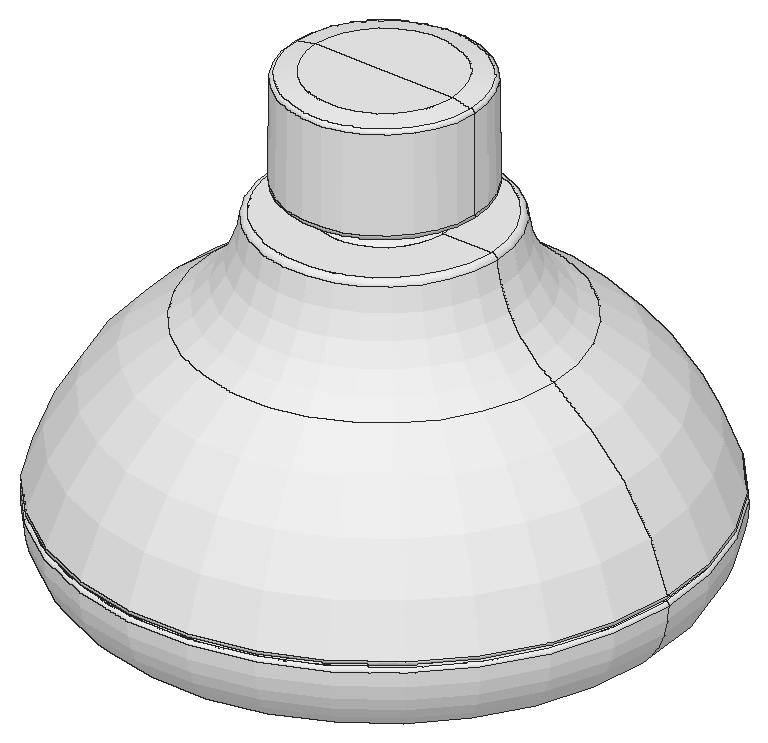
Revit family "Shower_Head-GROHE-New_Tempesta_100-27605000", category Plumbing Fixtures, Revit 2014
Parameters (values of type "26050000")
  cUPC Compliant = yes
  Width = 3 15/16"
  Waste Connection = no
  Warranty Documentation Link = "https://cdn.cloud.grohe.com/tpi/1000/1900/1940/1949/1949006/original/1949006.pdf"
  WFU = 4
  Vent Connection = no
  URL = "http://www.grohe.com/"
  Type Comments = "*DISCONTINUED*"
  Tempered Water Connection Radius = 1/4"  # constant formula
  Tempered Water Connection Diameter = Tempered Water Connection Radius * 2  # 1/2"
  Product Page URL = "https://www.grohe.com/ca-en/6452/showers/hand-showers-shower-sets/tempesta/product-details/?product=26050-G254&color=000&material=26050000"
  Price = "Prices may vary. Please consult Manufacturer Representative for most up-to-date price list."  # constant formula
  Model = "26050000"
  Material = "Metal-Grohe-000-Chrome"
  Manufacturer = "GROHE"
  Hot Water Connection Radius = Tempered Water Connection Radius  # 1/4"
  Hot Water Connection Diameter = Hot Water Connection Radius * 2  # 1/2"
  Height = 3 3/8"  # constant formula
  HWFU = 3
  HW Connection = yes
  Flow Rate = "2.0GPM (7.6L/min)"
  Finish = Metal-Grohe-000-Chrome
  Description = "New Tempesta 100"
  Default Elevation = 0"
  Creation Date = "2017/04/25"  # constant formula
  Cold Water Connection Radius = Hot Water Connection Radius  # 1/4"
  Cold Water Connection Diameter = Cold Water Connection Radius * 2  # 1/2"
  CWFU = 3
  CW Connection = yes
  Assembly Code = "D2010700"
Reference planes (in)
  plane 1 "Center (Front/Back)": y = 0
  plane 2: z = 0
  plane 3 "Center (Left/Right)": x = 0
  plane 4: x = 1.96875
  plane 5: x = -1.96875
  plane 6: z = -3.375
Forms (in)
  Revolve 1, solid, material "Metal-Grohe-000-Chrome" <- "Finish"
    sketch origin (0, 0, 0) x (1, 0, 0) y (0, 0, 1)
      loop
        arc (-0.62972, -0.67133) -> (-0.6206, -0.69385) -> (-0.59818, -0.70321) r 0.03154
        line (-0.59818, -0.70321) -> (-0.41069, -0.70321)
        arc (-0.41069, -0.70321) -> (-0.3778, -0.71684) -> (-0.36417, -0.74972) r 0.04651
        line (-0.36417, -0.74972) -> (-0.36417, -0.82262) -> (-0.40709, -0.86554) -> (-0.74056, -0.86554)
        arc (-0.74056, -0.86554) -> (-0.76778, -0.87599) -> (-0.78101, -0.90198) r 0.04067
        arc (-0.78101, -0.90198) -> (-0.90437, -1.25896) -> (-1.17265, -1.52482) r 0.83338
        arc (-1.17265, -1.52482) -> (-1.66508, -1.97021) -> (-1.96552, -2.56232) r 1.8244
        arc (-1.96552, -2.56232) -> (-1.96259, -2.5786) -> (-1.94781, -2.58601) r 0.01846
        line (-1.94781, -2.58601) -> (-1.87857, -2.58601)
        arc (-1.87857, -2.58601) -> (-1.8921, -2.60018) -> (-1.91089, -2.60569) r 0.03785
        line (-1.91089, -2.60569) -> (-1.94601, -2.60569)
        arc (-1.94601, -2.60569) -> (-1.96222, -2.61224) -> (-1.96934, -2.62821) r 0.02334
        arc (-1.96934, -2.62821) -> (-1.92553, -2.85715) -> (-1.78678, -3.04445) r 0.52409
        line (-1.78678, -3.04445) -> (-1.74698, -3.04445)
        arc (-1.74698, -3.04445) -> (-1.09286, -3.20346) -> (-0.42508, -3.28845) r 6.02086
        arc (-0.42508, -3.28845) -> (-0.37308, -3.33631) -> (-0.30969, -3.36754) r 0.24765
        arc (-0.30969, -3.36754) -> (-0.28646, -3.37312) -> (-0.26264, -3.375) r 0.15209
        line (-0.26264, -3.375) -> (0, -3.375) -> (0, 0) -> (-0.47124, 0) -> (-0.6012, -0.02292)
        arc (-0.6012, -0.02292) -> (-0.61677, -0.03185) -> (-0.62305, -0.04867) r 0.02644
        line (-0.62305, -0.04867) -> (-0.62972, -0.67133)
      axis (0, 0) -> (0, -3.375)
    angle from 0 to 360
Lines and regions (in)
  Masking region 1
    outline origin (0, 0, 0) x (1, 0, 0) y (0, 1, 0)
      loop
        circle (0, 0) r 1.97255
  symbolic lines, detail levels medium+fine
    curve 1: circle (0, 0, 0) r 0.47124 normal (0, 0, 1)
  symbolic lines, detail levels fine
    curve 2: circle (0, 0, 0) r 0.36417 normal (0, 0, 1)
Dimensions and locks (in)
  equal spacing: plane 5, plane 3 "Center (Left/Right)", plane 4
  "Width": plane 4 to plane 5
  "Height": level to plane 6
  aligned and locked: Revolve 1 sketch curve to plane 3 "Center (Left/Right)"
Automatic sketch dimensions
  Revolve 1 sketch curve to level = 0"
  Revolve 1 sketch curve to plane 6 = 0"
  Revolve 1 sketch curve to plane 3 "Center (Left/Right)" = 0"  (x2)
  Revolve 1 sketch curve to plane 3 "Center (Left/Right)" = 0.21551"
  Revolve 1 sketch curve to Revolve 1 sketch curve = 0.01756"
  Revolve 1 sketch curve to Revolve 1 sketch curve = 0.02957"
  Revolve 1 sketch curve to plane 3 "Center (Left/Right)" = 0.36417"
  Revolve 1 sketch curve to Revolve 1 sketch curve = 0.04291"  (x2)
  Revolve 1 sketch curve to Revolve 1 sketch curve = 0.04651"
  Revolve 1 sketch curve to Revolve 1 sketch curve = 0.47124"
  Revolve 1 sketch curve to level = 0.04895"
  Revolve 1 sketch curve to Revolve 1 sketch curve = 0.12537"
  Revolve 1 sketch curve to Revolve 1 sketch curve = 3/16"
  Revolve 1 sketch curve to level = 0.02292"
  Revolve 1 sketch curve to Revolve 1 sketch curve = 0.00459"
  Revolve 1 sketch curve to level = 0.04867"
  Revolve 1 sketch curve to Revolve 1 sketch curve = 0.03154"  (x2)
  Revolve 1 sketch curve to Revolve 1 sketch curve = 0.14238"
  Revolve 1 sketch curve to plane 5 = 0.52318"
  Revolve 1 sketch curve to plane 5 = 0.35888"
  Revolve 1 sketch curve to plane 5 = 0.22177"
  Revolve 1 sketch curve to Revolve 1 sketch curve = 0.0398"
  Revolve 1 sketch curve to plane 5 = 0.09018"
  Revolve 1 sketch curve to Revolve 1 sketch curve = 0.03232"
  Revolve 1 sketch curve to Revolve 1 sketch curve = 0.00089"
  Revolve 1 sketch curve to plane 5 = 0.02274"
  Revolve 1 sketch curve to Revolve 1 sketch curve = 0.0018"
  Revolve 1 sketch curve to Revolve 1 sketch curve = 0.15209"
  Revolve 1 sketch curve to Revolve 1 sketch curve = 0.09088"
  Revolve 1 sketch curve to Revolve 1 sketch curve = 0.05406"
  plane 6 to Revolve 1 sketch curve = 0.33055"
  Revolve 1 sketch curve to Revolve 1 sketch curve = 0.3978"
  Revolve 1 sketch curve to Revolve 1 sketch curve = 0.41542"
  Revolve 1 sketch curve to Revolve 1 sketch curve = 0.02334"
  Revolve 1 sketch curve to Revolve 1 sketch curve = 0.01969"
  Revolve 1 sketch curve to Revolve 1 sketch curve = 0.01846"
  Revolve 1 sketch curve to Revolve 1 sketch curve = 0.85754"
  Revolve 1 sketch curve to Revolve 1 sketch curve = 0.04067"
  Revolve 1 sketch curve to level = 0.81534"
  Revolve 1 sketch curve to Revolve 1 sketch curve = 0.0729"
  Revolve 1 sketch curve to Revolve 1 sketch curve = 2.71738"
  Revolve 1 sketch curve to Revolve 1 sketch curve = 0"  (x3)
  Revolve 1 sketch curve to Revolve 1 sketch curve = 1.05336"
  Revolve 1 sketch curve to Revolve 1 sketch curve = 1/4"
  plane 1 "Center (Front/Back)" to Masking region 1 sketch curve = 0"
  Masking region 1 sketch curve to plane 3 "Center (Left/Right)" = 0"
  curve 1 to curve 2 = 0"  (x2)
  plane 1 "Center (Front/Back)" to curve 2 = 0"
  curve 2 to plane 3 "Center (Left/Right)" = 0"
  radius of Masking region 1 sketch curve = 1.97255"
  radius of curve 1 = 0.47124"
  radius of curve 2 = 0.36417"
Connectors (in)
  piping at (0, 0, 0), diameter 0.5, driven by "Tempered Water Connection Diameter"
    settings: on Revolve 1, index 1, connector inside diameter 24", connector length 0", flow factor 0, pipe flow 0 GPM, pressure drop 0.00 psi, fitting loss kfactor 0, connector angle 0.00°, fixture units 0, engagement length 0", angle of deflection 0.00°, flow configuration 0, flow direction 1, fitting loss method 0, system type 29, joint type 0, gender type 0, connector reference index -1, connector utility 0, adjustable connector no, is connector primary yes, connector description "1/2\" NPT Supply Inlet"
